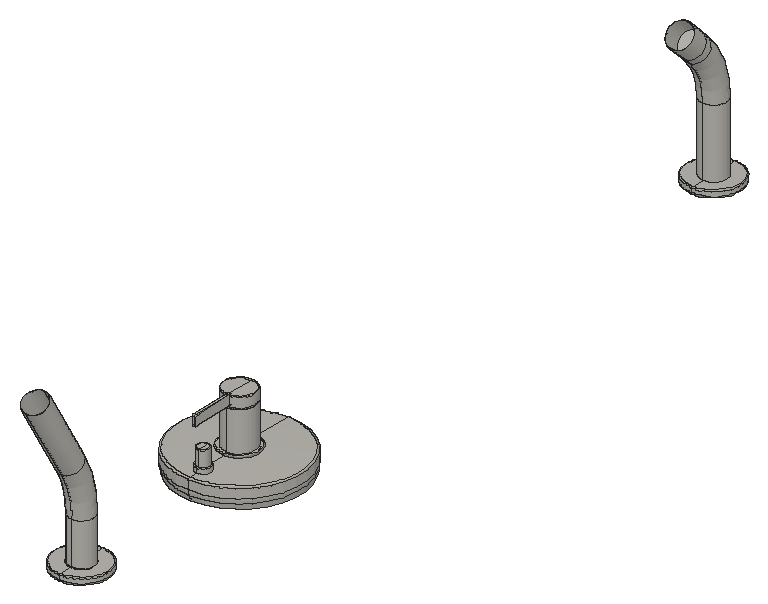
Revit family "Shower-Bath_and_Shower_Trim-KOHLER-Stillness-K-T948", category Plumbing Fixtures, host Face, Revit 2015
Parameters (values of type "Without Shower BN-Vibrant Brushed Nickel")
  Without ShowerHead = or(Type = 3, Type = 4)  # yes
  Width = 6 3/8"  # constant formula
  WaterSense Certified = 1 = 0  # no
  Waste Water Outlet = "Waste Water Outlet"  # constant formula
  Waste Connection = 1 = 0  # no
  Vent Connection = 1 = 0  # no
  URL = "https://www.us.kohler.com/us/"
  Type = 4
  Tempered Water Inlet 2 = "Tempered Water Inlet 2"  # constant formula
  Tempered Water Inlet 1 = "Tempered Water Inlet 1"  # constant formula
  Spout Distance [instance] = 10"
  ShowerHead = or(Type = 1, Type = 2)  # no
  Shower Distance [instance] = 30"
  Product Page URL = "http://www.us.kohler.com/us/catalog/productDetails.jsp?productNumber=T948-4L"
  Product Name = "Stillness"  # constant formula
  Product Documentation Link = "https://www.us.kohler.com/webassets/kpna/catalog/pdf/en/K-T948-4L_spec.pdf"
  Model = if(Type = 1, "K-T948-4-CP", if(Type = 2, "K-T948-4-BN", if(Type = 3, "K-T948-4L-CP", if(Type = 4, "K-T948-4L-BN", "NA"))))  # "K-T948-4L-BN"
  Material = "Premium Material Construction "  # constant formula
  MasterFormat 2004 = "22.41.23"  # constant formula
  MasterFormat 1995 = "15410"  # constant formula
  Manufacturer Address = "444 Highland Dr, Kohler, WI 53044"  # constant formula
  Manufacturer = "KOHLER Co."  # constant formula
  Length [instance] = if(or(ShowerHead), 9 1/2", 7 1/2")  # 7 1/2"
  Hot Water Inlet = "Hot Water Inlet"  # constant formula
  Height = 6 3/8"  # constant formula
  HW Connection = 1 = 1  # yes
  Finish = Kohler-Metal-BN-Vibrant_Brushed_Nickel
  Environmental Product Declaration = ""
  Drain Included = 1 = 0  # no
  Description = if(or(Type = 1, Type = 2), "Rite-Temp pressure-balancing bath and shower faucet trim with lever handle, valve not included", if(or(Type = 3, Type = 4), "Rite-Temp bath and shower trim set with push-button diverter and lever handle, less showerhead", "NA"))  # "Rite-Temp bath and shower trim set with push-button diverter and lever handle, less showerhead"
  Default Elevation = 42"  # constant formula
  Declare Label = ""
  Date Modified = "03/25/2019"  # constant formula
  Date Created = "03/25/2019"  # constant formula
  Copyright = "Copyright KOHLER Co."  # constant formula
  Contact Us = "https://www.us.kohler.com/us/static/contact.jsp"
  Cold Water Inlet = "Cold Water Inlet"  # constant formula
  CW Connection = 1 = 0  # no
  Assembly Code = "D2010700"
  ADA Compliant = 1 = 0  # no
Reference planes (in)
  plane 1 "Center (Front/Back)": y = 0
  plane 2: z = 0
  plane 3 "Center (Left/Right)": x = 0
  plane 4: y = 30
  plane 5: y = -10
  plane 6: z = 7.5
  plane 7: y = 28.625
  plane 8: z = 7.5
  plane 9: y = 31.375
  plane 10: y = -3.1875
  plane 11: y = 3.1875
  plane 12: z = 3.8125
  plane 13: y = -2.875
  plane 14: y = -11.37451
  plane 15: y = -8.62549
  plane 16: z = 8.75
  plane 17: y = -12.92909
  plane 18: x = 3.18761
  plane 19: x = -3.18739
  plane 20: y = 27.875
Dimensions and locks (in)
  "Shower Distance": plane 1 "Center (Front/Back)" to plane 4
  "Spout Distance": plane 5 to plane 1 "Center (Front/Back)"
  "Height": plane 19 to plane 18
  "Width": plane 11 to plane 10
  "Length": level to plane 6
  equal spacing: plane 9, plane 4, plane 7
  locked: plane 9 to plane 7 at 2.75
  equal spacing: plane 14, plane 5, plane 15
  locked: plane 14 to plane 15 at 2.74902
  locked: plane 4 to plane 20 at 2.125
  locked: plane 5 to plane 17 at 2.92909
  aligned and locked: plane 2 to host face
  aligned and locked: level to host face
  aligned and locked: plane 4 to nested 1
  aligned and locked: nested 3 to plane 5
Automatic sketch dimensions
  host sketch curve to host sketch curve = 96"  (x2)
Nested families (in)
  nested 1: "K-948-Showerhead" at (0, 30, 0), type "K-948-Showerhead"
  nested 2: "K-948-valve" at (0, 0, 0), type "K-948-valve"
  nested 3: "K-948-spout" at (-0.00017, -2.00002, 0), type "K-948-spout"
Connectors (in)
  piping at (0, 30, 0), diameter 0.5, driven by "HW Connection", driven by "Tempered Water Inlet 1"
    settings: on nested 1, index 1, connector inside diameter 24", connector length 0", flow factor 0, pipe flow 0 GPM, pressure drop 0.00 psi, fitting loss kfactor 0, connector angle 0.00°, fixture units 0, engagement length 0", angle of deflection 0.00°, flow configuration 0, flow direction 1, fitting loss method 0, system type 19, joint type 0, gender type 0, connector reference index -1, connector utility 1, adjustable connector no, is connector primary yes, connector description "Tempered Water Inlet 1"
  piping at (-0.00017, -10, 0), diameter 0.5, driven by "HW Connection", driven by "Tempered Water Inlet 2"
    settings: on nested 3, index 2, connector inside diameter 24", connector length 0", flow factor 0, pipe flow 0 GPM, pressure drop 0.00 psi, fitting loss kfactor 0, connector angle 0.00°, fixture units 0, engagement length 0", angle of deflection 0.00°, flow configuration 0, flow direction 1, fitting loss method 0, system type 19, joint type 0, gender type 0, connector reference index -1, connector utility 1, adjustable connector no, is connector primary no, connector description "Tempered Water Inlet 2"
Definition of nested family "K-948-Showerhead"
  Parameters (values of type "K-948-Showerhead")
    Without ShowerHead = yes
    ShowerHead = no
    Material = none
  Reference planes (in)
    plane 1 "Center (Front/Back)": y = 0
    plane 2: z = 0
    plane 3 "Center (Left/Right)": x = 0
    plane 4: z = 3.8125
    plane 5: x = -3.1875
    plane 6: x = 3.1875
    plane 7: x = -1.375
    plane 8: x = 1.375
    plane 9: y = -1.375
    plane 10: y = 1.375
    plane 11: y = -4.875
    plane 12: z = 9.5
    plane 13: y = -2.125
    plane 14: z = 7.5
    plane 15 "a": through (0, -4.875, 9.5) normal (0, -0.7071, 0.7071)
    plane 16: through (0, -2.125, 7.5) normal (0, -0.7071, 0.7071)
    plane 17: through (0, -0.60332, 7.60747) normal (0, -0.7071, 0.7071)
    plane 18: through (0, -4.875, 9.5) normal (0, -0.5882, -0.8087)
  Forms (in)
    Sweep 1, solid, material <- "Material", detail levels medium+fine
      path origin (0, 0, 0) x (0, 1, 0) y (0, 0, 1)
        loop
          line (-1.41789, 6.79289) -> (-1.12048, 6.49548)
          arc (-1.12048, 6.49548) -> (-0.2912, 5.25438) -> (0, 3.7904) r 3.82557
          line (0, 3.7904) -> (0, 0.27767)
      profile origin (0, 0, 2.03404) x (1, 0, 0) y (0, 1, 0)
        loop
          circle (0, 0) r 0.65524
    Sweep 2, solid, material <- "Material", visible <- "Without ShowerHead"
      path origin (0, 0, 0) x (0, 1, 0) y (0, 0, 1)
        loop
          line (-2.125, 7.5) -> (-1.41789, 6.79289)
      profile origin (0, -1.77145, 7.14645) x (0, 0.707107, 0.707107) y (1, 0, 0)
        loop
          circle (0, 0) r 0.65524
        loop
          circle (0, 0) r 0.64155
    Revolve 3, solid, material <- "Material", detail levels medium+fine
      sketch origin (0, 0, 0) x (0, 1, 0) y (0, 0, 1)
        loop
          arc (1.375, 0.27579) -> (1.36439, 0.30139) -> (1.33879, 0.312) r 0.03621
          line (1.33879, 0.312) -> (0, 0.312) -> (0, 0) -> (1.33775, 0)
          arc (1.33775, 0) -> (1.36409, 0.01091) -> (1.375, 0.03725) r 0.03725
          line (1.375, 0.03725) -> (1.375, 0.27579)
        axis (0, 0.312) -> (0, 0)
      angle from 0 to 360
    Revolve 4, solid, material <- "Material", visible <- "ShowerHead", detail levels medium+fine
      sketch origin (0, 0.3125, 0.32813) x (0, 1, 0) y (0, 0, 1)
        loop
          line (-6.70627, 7.6531) -> (-6.7294, 7.62998)
          arc (-6.7294, 7.62998) -> (-6.75369, 7.57133) -> (-6.7294, 7.51269) r 0.08293
          line (-6.7294, 7.51269) -> (-5.86523, 6.64851)
          arc (-5.86523, 6.64851) -> (-5.8501, 6.64233) -> (-5.83508, 6.64878) r 0.02113
          line (-5.83508, 6.64878) -> (-5.01091, 7.50223)
          arc (-5.01091, 7.50223) -> (-4.49104, 7.73098) -> (-3.95991, 7.52976) r 0.75
          line (-3.95991, 7.52976) -> (-3.45506, 7.05898)
          arc (-3.45506, 7.05898) -> (-3.42639, 7.0481) -> (-3.39831, 7.06041) r 0.04053
          line (-3.39831, 7.06041) -> (-3.18573, 7.27969)
          arc (-3.18573, 7.27969) -> (-3.12871, 7.27795) -> (-3.07222, 7.28589) r 0.33548
          arc (-3.07222, 7.28589) -> (-3.00607, 7.26412) -> (-2.99447, 7.19546) r 0.06741
          arc (-2.99447, 7.19546) -> (-3.00543, 7.06139) -> (-2.94024, 6.94373) r 0.23226
          arc (-2.94024, 6.94373) -> (-2.89504, 6.90013) -> (-2.84951, 6.85688) r 8.44171
          arc (-2.84951, 6.85688) -> (-2.88819, 6.80158) -> (-2.91663, 6.74039) r 0.38513
          line (-2.91663, 6.74039) -> (-2.17294, 6.02222) -> (-1.73115, 6.46402) -> (-4.56923, 9.20472) -> (-6.32995, 7.31659) -> (-6.66646, 7.6531)
          arc (-6.66646, 7.6531) -> (-6.68637, 7.66135) -> (-6.70627, 7.6531) r 0.02815
        axis (-1.73115, 6.46402) -> (-4.81325, 9.54612)
      angle from 0 to 360
    Extrusion 5, void, detail levels medium+fine
      sketch origin (0, -7.1875, 7.1875) x (0, 0.707107, 0.707107) y (-1, 0, 0)
        loop
          circle (3.97649, 2.46567) r 0.09464
        loop
          circle (3.97649, 1.84917) r 0.09464
        loop
          circle (4.92201, 1.5236) r 0.09464
        loop
          circle (5.33158, 1.81039) r 0.09464
        loop
          circle (4.43656, 1.71632) r 0.09464
        loop
          circle (4.64787, 2.16948) r 0.09464
        loop
          circle (3.96771, 1.1981) r 0.09464
        loop
          circle (4.51713, 1.05088) r 0.09464
        loop
          circle (3.9868, 0.52055) r 0.09464
        loop
          circle (6.2653, 0.17686) r 0.09464
        loop
          circle (5.64881, 0.17686) r 0.09464
        loop
          circle (5.32324, 1.12237) r 0.09464
        loop
          circle (5.61003, 1.53195) r 0.09464
        loop
          circle (5.51596, 0.63693) r 0.09464
        loop
          circle (5.96911, 0.84823) r 0.09464
        loop
          circle (4.99774, 0.16807) r 0.09464
        loop
          circle (4.85052, 0.7175) r 0.09464
        loop
          circle (4.32019, 0.18717) r 0.09464
        loop
          circle (6.2653, -0.17686) r 0.09464
        loop
          circle (5.64881, -0.17686) r 0.09464
        loop
          circle (5.32324, -1.12237) r 0.09464
        loop
          circle (5.61003, -1.53195) r 0.09464
        loop
          circle (5.51596, -0.63693) r 0.09464
        loop
          circle (5.96911, -0.84823) r 0.09464
        loop
          circle (4.99774, -0.16807) r 0.09464
        loop
          circle (4.85052, -0.7175) r 0.09464
        loop
          circle (4.32019, -0.18717) r 0.09464
        loop
          circle (3.97649, -2.46567) r 0.09464
        loop
          circle (3.97649, -1.84917) r 0.09464
        loop
          circle (4.92201, -1.5236) r 0.09464
        loop
          circle (5.33158, -1.81039) r 0.09464
        loop
          circle (4.43656, -1.71632) r 0.09464
        loop
          circle (4.64787, -2.16948) r 0.09464
        loop
          circle (3.96771, -1.1981) r 0.09464
        loop
          circle (4.51713, -1.05088) r 0.09464
        loop
          circle (3.9868, -0.52055) r 0.09464
        loop
          circle (3.62278, 2.46567) r 0.09464
        loop
          circle (3.62278, 1.84917) r 0.09464
        loop
          circle (2.67726, 1.5236) r 0.09464
        loop
          circle (2.26768, 1.81039) r 0.09464
        loop
          circle (3.16271, 1.71632) r 0.09464
        loop
          circle (2.9514, 2.16948) r 0.09464
        loop
          circle (3.63156, 1.1981) r 0.09464
        loop
          circle (3.08214, 1.05088) r 0.09464
        loop
          circle (3.61247, 0.52055) r 0.09464
        loop
          circle (1.33397, 0.17686) r 0.09464
        loop
          circle (1.95046, 0.17686) r 0.09464
        loop
          circle (2.27603, 1.12237) r 0.09464
        loop
          circle (1.98924, 1.53195) r 0.09464
        loop
          circle (2.08331, 0.63693) r 0.09464
        loop
          circle (1.63016, 0.84823) r 0.09464
        loop
          circle (2.60153, 0.16807) r 0.09464
        loop
          circle (2.74875, 0.7175) r 0.09464
        loop
          circle (3.27908, 0.18717) r 0.09464
        loop
          circle (1.33397, -0.17686) r 0.09464
        loop
          circle (1.95046, -0.17686) r 0.09464
        loop
          circle (2.27603, -1.12237) r 0.09464
        loop
          circle (1.98924, -1.53195) r 0.09464
        loop
          circle (2.08331, -0.63693) r 0.09464
        loop
          circle (1.63016, -0.84823) r 0.09464
        loop
          circle (2.60153, -0.16807) r 0.09464
        loop
          circle (2.74875, -0.7175) r 0.09464
        loop
          circle (3.27908, -0.18717) r 0.09464
        loop
          circle (3.62278, -2.46567) r 0.09464
        loop
          circle (3.62278, -1.84917) r 0.09464
        loop
          circle (2.67726, -1.5236) r 0.09464
        loop
          circle (2.26768, -1.81039) r 0.09464
        loop
          circle (3.16271, -1.71632) r 0.09464
        loop
          circle (2.9514, -2.16948) r 0.09464
        loop
          circle (3.63156, -1.1981) r 0.09464
        loop
          circle (3.08214, -1.05088) r 0.09464
        loop
          circle (3.61247, -0.52055) r 0.09464
      from -0.76405 to 0.99354
    Extrusion 6, solid, material <- "Material", visible <- "ShowerHead"
      sketch origin (0, -7.1875, 7.1875) x (0, 0.707107, 0.707107) y (-1, 0, 0)
        loop
          circle (3.79963, 0) r 0.30775
      from -0.83519 to -0.41396
    Extrusion 7, solid, material <- "Material", visible <- "ShowerHead"
      sketch origin (0, -7.1875, 7.1875) x (0, 0.707107, 0.707107) y (-1, 0, 0)
        loop
          circle (3.79963, 0) r 0.30775
      from -0.83519 to -0.41396
    Extrusion 8, solid, material <- "Material", detail levels medium+fine
      sketch origin (0, 0, 0) x (1, 0, 0) y (0, 1, 0)
        loop
          circle (0, 0) r 0.25
      from 0 to 0.0375
    Sweep 9, solid, material <- "Material", detail levels coarse
      path origin (0, 0, 0) x (0, 1, 0) y (0, 0, 1)
        loop
          line (-2.125, 7.5) -> (-1.12048, 6.49548)
          arc (-1.12048, 6.49548) -> (-0.2912, 5.25438) -> (0, 3.7904) r 3.82557
          line (0, 3.7904) -> (0, 0.27767)
      profile origin (0, 0, 2.03404) x (1, 0, 0) y (0, 1, 0)
        loop
          circle (0, 0) r 0.71021
    Extrusion 10, solid, material <- "Material", detail levels coarse
      sketch origin (0, 0, 0) x (1, 0, 0) y (0, 1, 0)
        loop
          circle (0, 0) r 1.37466
      from 0 to 0.41038
    Revolve 11, solid, material <- "Material", visible <- "ShowerHead", detail levels coarse
      sketch origin (0, 0, 0) x (0, 1, 0) y (0, 0, 1)
        loop
          line (-4.66584, 9.92791) -> (-6.52627, 8.06748)
          arc (-6.52627, 8.06748) -> (-6.55057, 8.00883) -> (-6.52627, 7.95019) r 0.08293
          line (-6.52627, 7.95019) -> (-5.55273, 6.97664)
          arc (-5.55273, 6.97664) -> (-5.5376, 6.97045) -> (-5.52258, 6.9769) r 0.02113
          line (-5.52258, 6.9769) -> (-4.69841, 7.83036)
          arc (-4.69841, 7.83036) -> (-4.17854, 8.05911) -> (-3.64741, 7.85788) r 0.75
          line (-3.64741, 7.85788) -> (-3.14256, 7.3871)
          arc (-3.14256, 7.3871) -> (-3.11389, 7.37622) -> (-3.08581, 7.38853) r 0.04053
          line (-3.08581, 7.38853) -> (-2.87323, 7.60781)
          arc (-2.87323, 7.60781) -> (-2.81621, 7.60607) -> (-2.75972, 7.61402) r 0.33548
          arc (-2.75972, 7.61402) -> (-2.69357, 7.59225) -> (-2.68197, 7.52358) r 0.06741
          arc (-2.68197, 7.52358) -> (-2.69293, 7.38951) -> (-2.62774, 7.27185) r 0.23226
          arc (-2.62774, 7.27185) -> (-2.58254, 7.22826) -> (-2.53701, 7.185) r 8.44171
          arc (-2.53701, 7.185) -> (-2.57569, 7.12971) -> (-2.60413, 7.06851) r 0.38513
          line (-2.60413, 7.06851) -> (-1.86044, 6.35035) -> (-1.41865, 6.79214) -> (-4.66584, 9.92791)
        axis (-4.61013, 9.98362) -> (-1.41865, 6.79214)
      angle from 0 to 360
  Cuts and joins
    Extrusion 5 cuts Revolve 4
    joined: Sweep 9, Extrusion 10
  Lines and regions (in)
    Masking region 1, visible <- "Without ShowerHead"
      outline origin (0, 0, 0) x (0, 1, 0) y (0, 0, 1)
        loop
          line (-0.65523, 0.312) -> (-1.33879, 0.312)
          arc (-1.33879, 0.312) -> (-1.36439, 0.30139) -> (-1.375, 0.27579) r 0.03621
          line (-1.375, 0.27579) -> (-1.375, 0.03725)
          arc (-1.375, 0.03725) -> (-1.36409, 0.01091) -> (-1.33775, 0) r 0.03725
          line (-1.33775, 0) -> (0, 0) -> (1.33775, 0)
          arc (1.33775, 0) -> (1.36409, 0.01091) -> (1.375, 0.03725) r 0.03725
          line (1.375, 0.03725) -> (1.375, 0.27579)
          arc (1.375, 0.27579) -> (1.36439, 0.30139) -> (1.33879, 0.312) r 0.03621
          line (1.33879, 0.312) -> (0.65523, 0.312) -> (0.65523, 3.76354)
          arc (0.65523, 3.76354) -> (0.30922, 5.50309) -> (-0.67616, 6.9778) r 4.54565
          line (-0.67616, 6.9778) -> (-1.66168, 7.96332) -> (-2.58832, 7.03668) -> (-1.57405, 6.02241)
          arc (-1.57405, 6.02241) -> (-0.89403, 5.00468) -> (-0.65523, 3.80418) r 3.13705
          line (-0.65523, 3.80418) -> (-0.65523, 0.312)
    Masking region 2, visible <- "Without ShowerHead"
      outline origin (0, 0, 0) x (1, 0, 0) y (0, 0, 1)
        loop
          line (-0.65524, 0.312) -> (-1.33879, 0.312)
          arc (-1.33879, 0.312) -> (-1.36439, 0.30139) -> (-1.375, 0.27579) r 0.03621
          line (-1.375, 0.27579) -> (-1.375, 0.03725)
          arc (-1.375, 0.03725) -> (-1.36409, 0.01091) -> (-1.33775, 0) r 0.03725
          line (-1.33775, 0) -> (0, 0) -> (1.33775, 0)
          arc (1.33775, 0) -> (1.36409, 0.01091) -> (1.375, 0.03725) r 0.03725
          line (1.375, 0.03725) -> (1.375, 0.27579)
          arc (1.375, 0.27579) -> (1.36439, 0.30139) -> (1.33879, 0.312) r 0.03621
          line (1.33879, 0.312) -> (0.65524, 0.312) -> (0.65524, 7.5)
          spline (0.65524, 7.5) -> (0.63291, 7.61992) -> (0.56745, 7.73166) -> (0.46332, 7.82762) -> (0.32762, 7.90125) -> (0.16959, 7.94753) -> (0, 7.96332) -> (-0.16959, 7.94753) -> (-0.32762, 7.90125) -> (-0.46332, 7.82762) -> (-0.56745, 7.73166) -> (-0.63291, 7.61992) -> (-0.65524, 7.5)
          line (-0.65524, 7.5) -> (-0.65524, 0.312)
    Masking region 3, visible <- "Without ShowerHead"
      outline origin (0, 0, 0) x (1, 0, 0) y (0, 1, 0)
        loop
          arc (0.65524, -1.20884) -> (0, 1.375) -> (-0.65524, -1.20884) r 1.375
          line (-0.65524, -1.20884) -> (-0.65524, -2.125)
          spline (-0.65524, -2.125) -> (-0.63291, -2.24492) -> (-0.56745, -2.35666) -> (-0.46332, -2.45262) -> (-0.32762, -2.52625) -> (-0.16959, -2.57253) -> (0, -2.58832) -> (0.16959, -2.57253) -> (0.32762, -2.52625) -> (0.46332, -2.45262) -> (0.56745, -2.35666) -> (0.63291, -2.24492) -> (0.65524, -2.125)
          line (0.65524, -2.125) -> (0.65524, -1.20884)
    Masking region 4, visible <- "ShowerHead"
      outline origin (0, 0, 0) x (0, 1, 0) y (0, 0, 1)
        loop
          line (-5.52258, 6.9769) -> (-4.69841, 7.83036)
          arc (-4.69841, 7.83036) -> (-4.17854, 8.05911) -> (-3.64741, 7.85788) r 0.75
          line (-3.64741, 7.85788) -> (-3.14256, 7.3871)
          arc (-3.14256, 7.3871) -> (-3.11389, 7.37622) -> (-3.08581, 7.38853) r 0.04053
          line (-3.08581, 7.38853) -> (-2.87323, 7.60781)
          arc (-2.87323, 7.60781) -> (-2.81621, 7.60607) -> (-2.75972, 7.61402) r 0.33548
          arc (-2.75972, 7.61402) -> (-2.69357, 7.59225) -> (-2.68197, 7.52358) r 0.06741
          arc (-2.68197, 7.52358) -> (-2.69293, 7.38951) -> (-2.62774, 7.27185) r 0.23226
          arc (-2.62774, 7.27185) -> (-2.58254, 7.22826) -> (-2.53701, 7.185) r 8.44171
          arc (-2.53701, 7.185) -> (-2.57569, 7.12971) -> (-2.60413, 7.06851) r 0.38513
          line (-2.60413, 7.06851) -> (-2.58832, 7.03668) -> (-1.57405, 6.02241)
          arc (-1.57405, 6.02241) -> (-0.89403, 5.00468) -> (-0.65523, 3.80418) r 3.13705
          line (-0.65523, 3.80418) -> (-0.65523, 0.312) -> (-1.33879, 0.312)
          arc (-1.33879, 0.312) -> (-1.36439, 0.30139) -> (-1.375, 0.27579) r 0.03621
          line (-1.375, 0.27579) -> (-1.375, 0.03725)
          arc (-1.375, 0.03725) -> (-1.36409, 0.01091) -> (-1.33775, 0) r 0.03725
          line (-1.33775, 0) -> (0, 0) -> (1.33775, 0)
          arc (1.33775, 0) -> (1.36409, 0.01091) -> (1.375, 0.03725) r 0.03725
          line (1.375, 0.03725) -> (1.375, 0.27579)
          arc (1.375, 0.27579) -> (1.36439, 0.30139) -> (1.33879, 0.312) r 0.03621
          line (1.33879, 0.312) -> (0.65523, 0.312) -> (0.65523, 3.76354)
          arc (0.65523, 3.76354) -> (0.30922, 5.50309) -> (-0.67616, 6.9778) r 4.54565
          line (-0.67616, 6.9778) -> (-1.66168, 7.96332) -> (-1.69502, 7.97762)
          arc (-1.69502, 7.97762) -> (-1.75622, 7.94919) -> (-1.81151, 7.91051) r 0.38513
          arc (-1.81151, 7.91051) -> (-1.85477, 7.95603) -> (-1.89836, 8.00123) r 8.44171
          arc (-1.89836, 8.00123) -> (-2.01602, 8.06643) -> (-2.15009, 8.05546) r 0.23226
          arc (-2.15009, 8.05546) -> (-2.21876, 8.06706) -> (-2.24052, 8.13321) r 0.06741
          arc (-2.24052, 8.13321) -> (-2.23258, 8.1897) -> (-2.23432, 8.24672) r 0.33548
          line (-2.23432, 8.24672) -> (-2.01504, 8.45931)
          arc (-2.01504, 8.45931) -> (-2.00273, 8.48739) -> (-2.01361, 8.51605) r 0.04053
          line (-2.01361, 8.51605) -> (-2.48439, 9.0209)
          arc (-2.48439, 9.0209) -> (-2.68561, 9.55203) -> (-2.45686, 10.0719) r 0.75
          line (-2.45686, 10.0719) -> (-1.60341, 10.89608)
          arc (-1.60341, 10.89608) -> (-1.59696, 10.91109) -> (-1.60315, 10.92622) r 0.02113
          line (-1.60315, 10.92622) -> (-2.46732, 11.79039)
          arc (-2.46732, 11.79039) -> (-2.52596, 11.81469) -> (-2.58461, 11.79039) r 0.08293
          line (-2.58461, 11.79039) -> (-6.4169, 7.9581)
          arc (-6.4169, 7.9581) -> (-6.44119, 7.89946) -> (-6.4169, 7.84081) r 0.08293
          line (-6.4169, 7.84081) -> (-5.55273, 6.97664)
          arc (-5.55273, 6.97664) -> (-5.5376, 6.97045) -> (-5.52258, 6.9769) r 0.02113
    Masking region 5, visible <- "ShowerHead"
      outline origin (0, 0, 0) x (1, 0, 0) y (0, 1, 0)
        loop
          arc (-2.22483, -2.38478) -> (-2.6026, -2.851) -> (-2.78421, -3.42291) r 1.616
          line (-2.78421, -3.42291) -> (-2.79273, -3.55104) -> (-2.79273, -4.61598)
          arc (-2.79273, -4.61598) -> (-2.75683, -4.81689) -> (-2.683, -5.00717) r 1.05767
          arc (-2.683, -5.00717) -> (-2.46207, -5.36868) -> (-2.1852, -5.68935) r 2.59152
          arc (-2.1852, -5.68935) -> (-1.99795, -5.84871) -> (-1.78988, -5.9797) r 1.71791
          arc (-1.78988, -5.9797) -> (-1.32829, -6.18993) -> (-0.844, -6.34062) r 4.03705
          arc (-0.844, -6.34062) -> (0, -6.44187) -> (0.844, -6.34062) r 3.56818
          arc (0.844, -6.34062) -> (1.32829, -6.18993) -> (1.78988, -5.9797) r 4.03705
          arc (1.78988, -5.9797) -> (1.99795, -5.84871) -> (2.1852, -5.68935) r 1.71791
          arc (2.1852, -5.68935) -> (2.46207, -5.36868) -> (2.683, -5.00717) r 2.59152
          arc (2.683, -5.00717) -> (2.75683, -4.81689) -> (2.79273, -4.61598) r 1.05767
          line (2.79273, -4.61598) -> (2.79273, -3.55104) -> (2.78421, -3.42291)
          arc (2.78421, -3.42291) -> (2.6026, -2.851) -> (2.22483, -2.38478) r 1.616
          arc (2.22483, -2.38478) -> (1.49603, -1.89873) -> (0.65524, -1.65286) r 2.89572
          line (0.65524, -1.65286) -> (0.65524, -1.20884)
          arc (0.65524, -1.20884) -> (0, 1.375) -> (-0.65524, -1.20884) r 1.375
          line (-0.65524, -1.20884) -> (-0.65524, -1.65286)
          arc (-0.65524, -1.65286) -> (-1.49603, -1.89873) -> (-2.22483, -2.38478) r 2.89572
    Masking region 6, visible <- "ShowerHead"
      outline origin (0, 0, 0) x (1, 0, 0) y (0, 0, 1)
        loop
          arc (-1.81321, 11.33115) -> (-2.37671, 10.8717) -> (-2.7299, 10.23619) r 1.92729
          arc (-2.7299, 10.23619) -> (-2.76214, 10.11594) -> (-2.78085, 9.99287) r 1.12119
          arc (-2.78085, 9.99287) -> (-2.79092, 9.84376) -> (-2.79268, 9.69433) r 2.68205
          line (-2.79268, 9.69433) -> (-2.79268, 8.84483)
          arc (-2.79268, 8.84483) -> (-2.70367, 8.44091) -> (-2.49473, 8.08394) r 1.32829
          arc (-2.49473, 8.08394) -> (-1.67069, 7.36867) -> (-0.65524, 6.96927) r 3.22373
          line (-0.65524, 6.96927) -> (-0.65524, 0.312) -> (-1.33879, 0.312)
          arc (-1.33879, 0.312) -> (-1.36439, 0.30139) -> (-1.375, 0.27579) r 0.03621
          line (-1.375, 0.27579) -> (-1.375, 0.03725)
          arc (-1.375, 0.03725) -> (-1.36409, 0.01091) -> (-1.33775, 0) r 0.03725
          line (-1.33775, 0) -> (0, 0) -> (1.33775, 0)
          arc (1.33775, 0) -> (1.36409, 0.01091) -> (1.375, 0.03725) r 0.03725
          line (1.375, 0.03725) -> (1.375, 0.27579)
          arc (1.375, 0.27579) -> (1.36439, 0.30139) -> (1.33879, 0.312) r 0.03621
          line (1.33879, 0.312) -> (0.65524, 0.312) -> (0.65524, 6.96927)
          arc (0.65524, 6.96927) -> (1.72891, 7.40481) -> (2.57925, 8.19184) r 3.22373
          arc (2.57925, 8.19184) -> (2.74211, 8.50731) -> (2.79268, 8.85873) r 1.06911
          line (2.79268, 8.85873) -> (2.79268, 9.69433)
          arc (2.79268, 9.69433) -> (2.79092, 9.84376) -> (2.78085, 9.99287) r 2.68205
          arc (2.78085, 9.99287) -> (2.76214, 10.11594) -> (2.7299, 10.23619) r 1.12119
          arc (2.7299, 10.23619) -> (2.40721, 10.83434) -> (1.89695, 11.28328) r 1.92729
          arc (1.89695, 11.28328) -> (0.04838, 11.81205) -> (-1.81321, 11.33115) r 3.66104
    symbolic lines, detail levels medium+fine
      curve 1: line (0, -0.95457, 7.25622) -> (0, -1.88122, 6.32957)
      curve 6: line (0, 0.65523, 0.312) -> (0, -0.65523, 0.312)
      curve 7: line (0.65524, 0, 0.312) -> (-0.65524, 0, 0.312)
      curve 8: spline (-0.65524, 0, 6.79289) -> (-0.63291, 0, 6.91281) -> (-0.56745, 0, 7.02455) -> (-0.46332, 0, 7.12051) -> (-0.32762, 0, 7.19414) -> (-0.16959, 0, 7.24043) -> (0, 0, 7.25622) -> (0.16959, 0, 7.24043) -> (0.32762, 0, 7.19414) -> (0.46332, 0, 7.12051) -> (0.56745, 0, 7.02455) -> (0.63291, 0, 6.91281) -> (0.65524, 0, 6.79289)
      curve 9: line (-0.65524, -1.20884, 0) -> (-0.65524, 0.00426, 0)
      curve 10: line (0.65524, -1.20884, 0) -> (0.65524, 0.00426, 0)
      curve 11: arc (-0.65524, 0.00426, 0) -> (0, 0.6595, 0) -> (0.65524, 0.00426, 0) r 0.65524
      curve 12: spline (-0.65524, -1.41789, 0) -> (-0.63291, -1.29798, 0) -> (-0.56745, -1.18623, 0) -> (-0.46332, -1.09027, 0) -> (-0.32762, -1.01664, 0) -> (-0.16959, -0.97036, 0) -> (0, -0.95457, 0) -> (0.16959, -0.97036, 0) -> (0.32762, -1.01664, 0) -> (0.46332, -1.09027, 0) -> (0.56745, -1.18623, 0) -> (0.63291, -1.29798, 0) -> (0.65524, -1.41789, 0)
    symbolic lines, built-in parameter 1006206 <- "Without ShowerHead", detail levels medium+fine
      curve 2: line (0, -1.09544, 7.39708) -> (0, -2.02208, 6.47044)
      curve 3: line (0, -1.23631, 7.53795) -> (0, -2.16295, 6.61131)
      curve 4: line (0, -1.37718, 7.67882) -> (0, -2.30382, 6.75218)
      curve 5: line (0, -1.51805, 7.81969) -> (0, -2.44469, 6.89305)
    symbolic lines, visible <- "Without ShowerHead", detail levels medium+fine
      curve 13: spline (0.65524, -2.125, 0) -> (0.63291, -2.00508, 0) -> (0.56745, -1.89334, 0) -> (0.46332, -1.79738, 0) -> (0.32762, -1.72375, 0) -> (0.16959, -1.67747, 0) -> (0, -1.66168, 0) -> (-0.16959, -1.67747, 0) -> (-0.32762, -1.72375, 0) -> (-0.46332, -1.79738, 0) -> (-0.56745, -1.89334, 0) -> (-0.63291, -2.00508, 0) -> (-0.65524, -2.125, 0)
      curve 14: spline (0.65524, -2.00006, 0) -> (0.63291, -1.88014, 0) -> (0.56745, -1.7684, 0) -> (0.46332, -1.67244, 0) -> (0.32762, -1.59881, 0) -> (0.16959, -1.55252, 0) -> (0, -1.53674, 0) -> (-0.16959, -1.55252, 0) -> (-0.32762, -1.59881, 0) -> (-0.46332, -1.67244, 0) -> (-0.56745, -1.7684, 0) -> (-0.63291, -1.88014, 0) -> (-0.65524, -2.00006, 0)
      curve 15: spline (0.65524, -1.85208, 0) -> (0.63291, -1.73217, 0) -> (0.56745, -1.62042, 0) -> (0.46332, -1.52447, 0) -> (0.32762, -1.45084, 0) -> (0.16959, -1.40455, 0) -> (0, -1.38876, 0) -> (-0.16959, -1.40455, 0) -> (-0.32762, -1.45083, 0) -> (-0.46332, -1.52447, 0) -> (-0.56745, -1.62042, 0) -> (-0.63291, -1.73217, 0) -> (-0.65524, -1.85208, 0)
      curve 16: spline (0.65524, -1.73647, 0) -> (0.63291, -1.61656, 0) -> (0.56745, -1.50481, 0) -> (0.46332, -1.40886, 0) -> (0.32762, -1.33523, 0) -> (0.16959, -1.28894, 0) -> (0, -1.27315, 0) -> (-0.16959, -1.28894, 0) -> (-0.32762, -1.33523, 0) -> (-0.46332, -1.40886, 0) -> (-0.56745, -1.50481, 0) -> (-0.63291, -1.61656, 0) -> (-0.65524, -1.73647, 0)
      curve 17: spline (0.65524, -1.60749, 0) -> (0.63291, -1.48757, 0) -> (0.56745, -1.37583, 0) -> (0.46332, -1.27987, 0) -> (0.32762, -1.20624, 0) -> (0.16959, -1.15995, 0) -> (0, -1.14416, 0) -> (-0.16959, -1.15995, 0) -> (-0.32762, -1.20624, 0) -> (-0.46332, -1.27987, 0) -> (-0.56745, -1.37583, 0) -> (-0.63291, -1.48757, 0) -> (-0.65524, -1.60749, 0)
      curve 18: spline (-0.65524, 0, 6.92258) -> (-0.63291, 0, 7.0425) -> (-0.56745, 0, 7.15425) -> (-0.46332, 0, 7.2502) -> (-0.32762, 0, 7.32383) -> (-0.16959, 0, 7.37012) -> (0, 0, 7.38591) -> (0.16959, 0, 7.37012) -> (0.32762, 0, 7.32383) -> (0.46332, 0, 7.2502) -> (0.56745, 0, 7.15425) -> (0.63291, 0, 7.0425) -> (0.65524, 0, 6.92258)
      curve 19: spline (-0.65524, 0, 7.05621) -> (-0.63291, 0, 7.17613) -> (-0.56745, 0, 7.28787) -> (-0.46332, 0, 7.38383) -> (-0.32762, 0, 7.45746) -> (-0.16959, 0, 7.50374) -> (0, 0, 7.51953) -> (0.16959, 0, 7.50374) -> (0.32762, 0, 7.45746) -> (0.46332, 0, 7.38383) -> (0.56745, 0, 7.28787) -> (0.63291, 0, 7.17613) -> (0.65524, 0, 7.05621)
      curve 20: spline (-0.65524, 0, 7.17589) -> (-0.63291, 0, 7.29581) -> (-0.56745, 0, 7.40755) -> (-0.46332, 0, 7.50351) -> (-0.32762, 0, 7.57714) -> (-0.16959, 0, 7.62342) -> (0, 0, 7.63921) -> (0.16959, 0, 7.62342) -> (0.32762, 0, 7.57714) -> (0.46332, 0, 7.50351) -> (0.56745, 0, 7.40755) -> (0.63291, 0, 7.29581) -> (0.65524, 0, 7.17589)
      curve 21: spline (-0.65524, 0, 7.32496) -> (-0.63291, 0, 7.44488) -> (-0.56745, 0, 7.55662) -> (-0.46332, 0, 7.65258) -> (-0.32762, 0, 7.72621) -> (-0.16959, 0, 7.7725) -> (0, 0, 7.78829) -> (0.16959, 0, 7.7725) -> (0.32762, 0, 7.72621) -> (0.46332, 0, 7.65258) -> (0.56745, 0, 7.55662) -> (0.63291, 0, 7.44488) -> (0.65524, 0, 7.32496)
    symbolic lines, visible <- "ShowerHead", detail levels medium+fine
      curve 22: spline (-2.64898, -4.14433, 0) -> (-2.55872, -4.62913, 0) -> (-2.29409, -5.08089, 0) -> (-1.87311, -5.46882, 0) -> (-1.32449, -5.7665, 0) -> (-0.68561, -5.95362, 0) -> (0, -6.01745, 0) -> (0.68561, -5.95362, 0) -> (1.32449, -5.7665, 0) -> (1.87311, -5.46882, 0) -> (2.29409, -5.08089, 0) -> (2.55872, -4.62913, 0) -> (2.64898, -4.14433, 0) -> (2.55872, -3.65953, 0) -> (2.29409, -3.20777, 0) -> (1.87311, -2.81984, 0) -> (1.32449, -2.52217, 0) -> (0.68561, -2.33504, 0) -> (0, -2.27122, 0) -> (-0.68561, -2.33504, 0) -> (-1.32449, -2.52217, 0) -> (-1.87311, -2.81984, 0) -> (-2.29409, -3.20777, 0) -> (-2.55872, -3.65953, 0) -> (-2.64898, -4.14433, 0)
      curve 23: spline (-2.46567, -3.90236, 0) -> (-2.44117, -3.90008, 0) -> (-2.41835, -3.89339, 0) -> (-2.39875, -3.88275, 0) -> (-2.3837, -3.8689, 0) -> (-2.37425, -3.85275, 0) -> (-2.37103, -3.83543, 0) -> (-2.37425, -3.81811, 0) -> (-2.3837, -3.80197, 0) -> (-2.39875, -3.78811, 0) -> (-2.41835, -3.77748, 0) -> (-2.44117, -3.77079, 0) -> (-2.46567, -3.76851, 0)
      curve 24: spline (-2.46567, -3.76851, 0) -> (-2.49016, -3.77079, 0) -> (-2.51299, -3.77748, 0) -> (-2.53259, -3.78811, 0) -> (-2.54763, -3.80197, 0) -> (-2.55708, -3.81811, 0) -> (-2.56031, -3.83543, 0) -> (-2.55708, -3.85275, 0) -> (-2.54763, -3.8689, 0) -> (-2.53259, -3.88275, 0) -> (-2.51299, -3.89339, 0) -> (-2.49016, -3.90008, 0) -> (-2.46567, -3.90236, 0)
      curve 25: spline (-2.16948, -3.42762, 0) -> (-2.14498, -3.42534, 0) -> (-2.12216, -3.41865, 0) -> (-2.10255, -3.40802, 0) -> (-2.08751, -3.39416, 0) -> (-2.07806, -3.37802, 0) -> (-2.07483, -3.3607, 0) -> (-2.07806, -3.34338, 0) -> (-2.08751, -3.32724, 0) -> (-2.10255, -3.31338, 0) -> (-2.12216, -3.30274, 0) -> (-2.14498, -3.29606, 0) -> (-2.16948, -3.29378, 0)
      curve 26: spline (-2.16948, -3.29378, 0) -> (-2.19397, -3.29606, 0) -> (-2.2168, -3.30274, 0) -> (-2.2364, -3.31338, 0) -> (-2.25144, -3.32724, 0) -> (-2.26089, -3.34338, 0) -> (-2.26412, -3.3607, 0) -> (-2.26089, -3.37802, 0) -> (-2.25144, -3.39416, 0) -> (-2.2364, -3.40802, 0) -> (-2.2168, -3.41865, 0) -> (-2.19397, -3.42534, 0) -> (-2.16948, -3.42762, 0)
      curve 27: spline (-1.81039, -2.97541, 0) -> (-1.7859, -2.97313, 0) -> (-1.76307, -2.96644, 0) -> (-1.74347, -2.95581, 0) -> (-1.72843, -2.94195, 0) -> (-1.71898, -2.92581, 0) -> (-1.71575, -2.90849, 0) -> (-1.71898, -2.89117, 0) -> (-1.72843, -2.87503, 0) -> (-1.74347, -2.86117, 0) -> (-1.76307, -2.85053, 0) -> (-1.7859, -2.84385, 0) -> (-1.81039, -2.84157, 0)
      curve 28: spline (-1.81039, -2.84157, 0) -> (-1.83489, -2.84385, 0) -> (-1.85771, -2.85053, 0) -> (-1.87731, -2.86117, 0) -> (-1.89236, -2.87503, 0) -> (-1.90181, -2.89117, 0) -> (-1.90503, -2.90849, 0) -> (-1.90181, -2.92581, 0) -> (-1.89236, -2.94195, 0) -> (-1.87731, -2.95581, 0) -> (-1.85771, -2.96644, 0) -> (-1.83489, -2.97313, 0) -> (-1.81039, -2.97541, 0)
      curve 29: spline (-1.62659, -2.7116, 0) -> (-1.62337, -2.72892, 0) -> (-1.61391, -2.74506, 0) -> (-1.59887, -2.75892, 0) -> (-1.57927, -2.76955, 0) -> (-1.55645, -2.77624, 0) -> (-1.53195, -2.77852, 0) -> (-1.50746, -2.77624, 0) -> (-1.48463, -2.76955, 0) -> (-1.46503, -2.75892, 0) -> (-1.44999, -2.74506, 0) -> (-1.44053, -2.72892, 0) -> (-1.43731, -2.7116, 0)
      curve 30: spline (-1.43731, -2.7116, 0) -> (-1.44053, -2.69428, 0) -> (-1.44999, -2.67814, 0) -> (-1.46503, -2.66428, 0) -> (-1.48463, -2.65364, 0) -> (-1.50746, -2.64696, 0) -> (-1.53195, -2.64468, 0) -> (-1.55645, -2.64696, 0) -> (-1.57927, -2.65364, 0) -> (-1.59887, -2.66428, 0) -> (-1.61391, -2.67814, 0) -> (-1.62337, -2.69428, 0) -> (-1.62659, -2.7116, 0)
      curve 31: spline (-0.94288, -2.45769, 0) -> (-0.93965, -2.47501, 0) -> (-0.9302, -2.49115, 0) -> (-0.91516, -2.50501, 0) -> (-0.89556, -2.51564, 0) -> (-0.87273, -2.52233, 0) -> (-0.84823, -2.52461, 0) -> (-0.82374, -2.52233, 0) -> (-0.80091, -2.51564, 0) -> (-0.78131, -2.50501, 0) -> (-0.76627, -2.49115, 0) -> (-0.75682, -2.47501, 0) -> (-0.75359, -2.45769, 0)
      curve 32: spline (-0.75359, -2.45769, 0) -> (-0.75682, -2.44037, 0) -> (-0.76627, -2.42423, 0) -> (-0.78131, -2.41037, 0) -> (-0.80091, -2.39973, 0) -> (-0.82374, -2.39305, 0) -> (-0.84823, -2.39077, 0) -> (-0.87273, -2.39305, 0) -> (-0.89556, -2.39973, 0) -> (-0.91516, -2.41037, 0) -> (-0.9302, -2.42423, 0) -> (-0.93965, -2.44037, 0) -> (-0.94288, -2.45769, 0)
      curve 33: spline (-2.46567, -4.15247, 0) -> (-2.44117, -4.15019, 0) -> (-2.41835, -4.1435, 0) -> (-2.39875, -4.13287, 0) -> (-2.3837, -4.11901, 0) -> (-2.37425, -4.10287, 0) -> (-2.37103, -4.08555, 0) -> (-2.37425, -4.06822, 0) -> (-2.3837, -4.05208, 0) -> (-2.39875, -4.03822, 0) -> (-2.41835, -4.02759, 0) -> (-2.44117, -4.0209, 0) -> (-2.46567, -4.01862, 0)
      curve 34: spline (-2.46567, -4.01862, 0) -> (-2.49016, -4.0209, 0) -> (-2.51299, -4.02759, 0) -> (-2.53259, -4.03822, 0) -> (-2.54763, -4.05208, 0) -> (-2.55708, -4.06822, 0) -> (-2.56031, -4.08555, 0) -> (-2.55708, -4.10287, 0) -> (-2.54763, -4.11901, 0) -> (-2.53259, -4.13287, 0) -> (-2.51299, -4.1435, 0) -> (-2.49016, -4.15019, 0) -> (-2.46567, -4.15247, 0)
      curve 35: spline (-2.16948, -4.6272, 0) -> (-2.14498, -4.62492, 0) -> (-2.12216, -4.61824, 0) -> (-2.10255, -4.6076, 0) -> (-2.08751, -4.59374, 0) -> (-2.07806, -4.5776, 0) -> (-2.07483, -4.56028, 0) -> (-2.07806, -4.54296, 0) -> (-2.08751, -4.52682, 0) -> (-2.10255, -4.51296, 0) -> (-2.12216, -4.50233, 0) -> (-2.14498, -4.49564, 0) -> (-2.16948, -4.49336, 0)
      curve 36: spline (-2.16948, -4.49336, 0) -> (-2.19397, -4.49564, 0) -> (-2.2168, -4.50233, 0) -> (-2.2364, -4.51296, 0) -> (-2.25144, -4.52682, 0) -> (-2.26089, -4.54296, 0) -> (-2.26412, -4.56028, 0) -> (-2.26089, -4.5776, 0) -> (-2.25144, -4.59374, 0) -> (-2.2364, -4.6076, 0) -> (-2.2168, -4.61824, 0) -> (-2.19397, -4.62492, 0) -> (-2.16948, -4.6272, 0)
      curve 37: spline (-1.81039, -5.11066, 0) -> (-1.7859, -5.10838, 0) -> (-1.76307, -5.1017, 0) -> (-1.74347, -5.09106, 0) -> (-1.72843, -5.0772, 0) -> (-1.71898, -5.06106, 0) -> (-1.71575, -5.04374, 0) -> (-1.71898, -5.02642, 0) -> (-1.72843, -5.01028, 0) -> (-1.74347, -4.99642, 0) -> (-1.76307, -4.98579, 0) -> (-1.7859, -4.9791, 0) -> (-1.81039, -4.97682, 0)
      curve 38: spline (-1.81039, -4.97682, 0) -> (-1.83489, -4.9791, 0) -> (-1.85771, -4.98579, 0) -> (-1.87731, -4.99642, 0) -> (-1.89236, -5.01028, 0) -> (-1.90181, -5.02642, 0) -> (-1.90503, -5.04374, 0) -> (-1.90181, -5.06106, 0) -> (-1.89236, -5.0772, 0) -> (-1.87731, -5.09106, 0) -> (-1.85771, -5.1017, 0) -> (-1.83489, -5.10838, 0) -> (-1.81039, -5.11066, 0)
      curve 39: spline (-1.62659, -5.24063, 0) -> (-1.62337, -5.25795, 0) -> (-1.61391, -5.27409, 0) -> (-1.59887, -5.28795, 0) -> (-1.57927, -5.29859, 0) -> (-1.55645, -5.30527, 0) -> (-1.53195, -5.30755, 0) -> (-1.50746, -5.30527, 0) -> (-1.48463, -5.29859, 0) -> (-1.46503, -5.28795, 0) -> (-1.44999, -5.27409, 0) -> (-1.44053, -5.25795, 0) -> (-1.43731, -5.24063, 0)
      curve 40: spline (-1.43731, -5.24063, 0) -> (-1.44053, -5.22331, 0) -> (-1.44999, -5.20717, 0) -> (-1.46503, -5.19331, 0) -> (-1.48463, -5.18268, 0) -> (-1.50746, -5.17599, 0) -> (-1.53195, -5.17371, 0) -> (-1.55645, -5.17599, 0) -> (-1.57927, -5.18268, 0) -> (-1.59887, -5.19331, 0) -> (-1.61391, -5.20717, 0) -> (-1.62337, -5.22331, 0) -> (-1.62659, -5.24063, 0)
      curve 41: spline (-0.75359, -5.49454, 0) -> (-0.75682, -5.47722, 0) -> (-0.76627, -5.46108, 0) -> (-0.78131, -5.44722, 0) -> (-0.80091, -5.43659, 0) -> (-0.82374, -5.4299, 0) -> (-0.84823, -5.42762, 0) -> (-0.87273, -5.4299, 0) -> (-0.89556, -5.43659, 0) -> (-0.91516, -5.44722, 0) -> (-0.9302, -5.46108, 0) -> (-0.93965, -5.47722, 0) -> (-0.94288, -5.49454, 0)
      curve 42: spline (-0.94288, -5.49454, 0) -> (-0.93965, -5.51186, 0) -> (-0.9302, -5.528, 0) -> (-0.91516, -5.54186, 0) -> (-0.89556, -5.5525, 0) -> (-0.87273, -5.55918, 0) -> (-0.84823, -5.56146, 0) -> (-0.82374, -5.55918, 0) -> (-0.80091, -5.5525, 0) -> (-0.78131, -5.54186, 0) -> (-0.76627, -5.528, 0) -> (-0.75682, -5.51186, 0) -> (-0.75359, -5.49454, 0)
      curve 43: spline (-0.2715, -5.70398, 0) -> (-0.26827, -5.7213, 0) -> (-0.25882, -5.73744, 0) -> (-0.24378, -5.7513, 0) -> (-0.22418, -5.76194, 0) -> (-0.20135, -5.76862, 0) -> (-0.17686, -5.7709, 0) -> (-0.15236, -5.76862, 0) -> (-0.12953, -5.76194, 0) -> (-0.10993, -5.7513, 0) -> (-0.09489, -5.73744, 0) -> (-0.08544, -5.7213, 0) -> (-0.08221, -5.70398, 0)
      curve 44: spline (-0.08221, -5.70398, 0) -> (-0.08544, -5.68666, 0) -> (-0.09489, -5.67052, 0) -> (-0.10993, -5.65666, 0) -> (-0.12953, -5.64602, 0) -> (-0.15236, -5.63934, 0) -> (-0.17686, -5.63706, 0) -> (-0.20135, -5.63934, 0) -> (-0.22418, -5.64602, 0) -> (-0.24378, -5.65666, 0) -> (-0.25882, -5.67052, 0) -> (-0.26827, -5.68666, 0) -> (-0.2715, -5.70398, 0)
      curve 45: spline (-0.2715, -5.26805, 0) -> (-0.26827, -5.28537, 0) -> (-0.25882, -5.30151, 0) -> (-0.24378, -5.31537, 0) -> (-0.22418, -5.32601, 0) -> (-0.20135, -5.33269, 0) -> (-0.17686, -5.33497, 0) -> (-0.15236, -5.33269, 0) -> (-0.12953, -5.32601, 0) -> (-0.10993, -5.31537, 0) -> (-0.09489, -5.30151, 0) -> (-0.08544, -5.28537, 0) -> (-0.08221, -5.26805, 0)
      curve 46: spline (-0.08221, -5.26805, 0) -> (-0.08544, -5.25073, 0) -> (-0.09489, -5.23459, 0) -> (-0.10993, -5.22073, 0) -> (-0.12953, -5.2101, 0) -> (-0.15236, -5.20341, 0) -> (-0.17686, -5.20113, 0) -> (-0.20135, -5.20341, 0) -> (-0.22418, -5.2101, 0) -> (-0.24378, -5.22073, 0) -> (-0.25882, -5.23459, 0) -> (-0.26827, -5.25073, 0) -> (-0.2715, -5.26805, 0)
      curve 47: spline (-0.73157, -5.17411, 0) -> (-0.72834, -5.19143, 0) -> (-0.71889, -5.20757, 0) -> (-0.70385, -5.22143, 0) -> (-0.68425, -5.23207, 0) -> (-0.66142, -5.23875, 0) -> (-0.63693, -5.24103, 0) -> (-0.61243, -5.23875, 0) -> (-0.5896, -5.23207, 0) -> (-0.57, -5.22143, 0) -> (-0.55496, -5.20757, 0) -> (-0.54551, -5.19143, 0) -> (-0.54228, -5.17411, 0)
      curve 48: spline (-0.54228, -5.17411, 0) -> (-0.54551, -5.15679, 0) -> (-0.55496, -5.14065, 0) -> (-0.57, -5.12679, 0) -> (-0.5896, -5.11616, 0) -> (-0.61243, -5.10947, 0) -> (-0.63693, -5.10719, 0) -> (-0.66142, -5.10947, 0) -> (-0.68425, -5.11616, 0) -> (-0.70385, -5.12679, 0) -> (-0.71889, -5.14065, 0) -> (-0.72834, -5.15679, 0) -> (-0.73157, -5.17411, 0)
      curve 49: spline (-1.21702, -5.03784, 0) -> (-1.21379, -5.05516, 0) -> (-1.20434, -5.0713, 0) -> (-1.1893, -5.08516, 0) -> (-1.16969, -5.0958, 0) -> (-1.14687, -5.10248, 0) -> (-1.12237, -5.10476, 0) -> (-1.09788, -5.10248, 0) -> (-1.07505, -5.0958, 0) -> (-1.05545, -5.08516, 0) -> (-1.04041, -5.0713, 0) -> (-1.03096, -5.05516, 0) -> (-1.02773, -5.03784, 0)
      curve 50: spline (-1.02773, -5.03784, 0) -> (-1.03096, -5.02052, 0) -> (-1.04041, -5.00438, 0) -> (-1.05545, -4.99052, 0) -> (-1.07505, -4.97989, 0) -> (-1.09788, -4.9732, 0) -> (-1.12237, -4.97092, 0) -> (-1.14687, -4.9732, 0) -> (-1.16969, -4.97989, 0) -> (-1.1893, -4.99052, 0) -> (-1.20434, -5.00438, 0) -> (-1.21379, -5.02052, 0) -> (-1.21702, -5.03784, 0)
      curve 51: spline (-1.5236, -4.68721, 0) -> (-1.5481, -4.68949, 0) -> (-1.57093, -4.69617, 0) -> (-1.59053, -4.70681, 0) -> (-1.60557, -4.72067, 0) -> (-1.61502, -4.73681, 0) -> (-1.61825, -4.75413, 0) -> (-1.61502, -4.77145, 0) -> (-1.60557, -4.78759, 0) -> (-1.59053, -4.80145, 0) -> (-1.57093, -4.81208, 0) -> (-1.5481, -4.81877, 0) -> (-1.5236, -4.82105, 0)
      curve 52: spline (-1.5236, -4.82105, 0) -> (-1.49911, -4.81877, 0) -> (-1.47628, -4.81208, 0) -> (-1.45668, -4.80145, 0) -> (-1.44164, -4.78759, 0) -> (-1.43219, -4.77145, 0) -> (-1.42896, -4.75413, 0) -> (-1.43219, -4.73681, 0) -> (-1.44164, -4.72067, 0) -> (-1.45668, -4.70681, 0) -> (-1.47628, -4.69617, 0) -> (-1.49911, -4.68949, 0) -> (-1.5236, -4.68721, 0)
      curve 53: spline (-1.71632, -4.34394, 0) -> (-1.74082, -4.34622, 0) -> (-1.76364, -4.35291, 0) -> (-1.78324, -4.36354, 0) -> (-1.79828, -4.3774, 0) -> (-1.80774, -4.39354, 0) -> (-1.81096, -4.41086, 0) -> (-1.80774, -4.42818, 0) -> (-1.79828, -4.44432, 0) -> (-1.78324, -4.45818, 0) -> (-1.76364, -4.46882, 0) -> (-1.74082, -4.47551, 0) -> (-1.71632, -4.47779, 0)
      curve 54: spline (-1.71632, -4.47779, 0) -> (-1.69183, -4.47551, 0) -> (-1.669, -4.46882, 0) -> (-1.6494, -4.45818, 0) -> (-1.63436, -4.44432, 0) -> (-1.62491, -4.42818, 0) -> (-1.62168, -4.41086, 0) -> (-1.62491, -4.39354, 0) -> (-1.63436, -4.3774, 0) -> (-1.6494, -4.36354, 0) -> (-1.669, -4.35291, 0) -> (-1.69183, -4.34622, 0) -> (-1.71632, -4.34394, 0)
      curve 55: spline (-1.84917, -4.15247, 0) -> (-1.82468, -4.15019, 0) -> (-1.80185, -4.1435, 0) -> (-1.78225, -4.13287, 0) -> (-1.76721, -4.11901, 0) -> (-1.75776, -4.10287, 0) -> (-1.75453, -4.08555, 0) -> (-1.75776, -4.06822, 0) -> (-1.76721, -4.05208, 0) -> (-1.78225, -4.03822, 0) -> (-1.80185, -4.02759, 0) -> (-1.82468, -4.0209, 0) -> (-1.84917, -4.01862, 0)
      curve 56: spline (-1.84917, -4.01862, 0) -> (-1.87367, -4.0209, 0) -> (-1.89649, -4.02759, 0) -> (-1.91609, -4.03822, 0) -> (-1.93114, -4.05208, 0) -> (-1.94059, -4.06822, 0) -> (-1.94381, -4.08555, 0) -> (-1.94059, -4.10287, 0) -> (-1.93114, -4.11901, 0) -> (-1.91609, -4.13287, 0) -> (-1.89649, -4.1435, 0) -> (-1.87367, -4.15019, 0) -> (-1.84917, -4.15247, 0)
      curve 57: spline (-1.84917, -3.90236, 0) -> (-1.82468, -3.90008, 0) -> (-1.80185, -3.89339, 0) -> (-1.78225, -3.88275, 0) -> (-1.76721, -3.8689, 0) -> (-1.75776, -3.85275, 0) -> (-1.75453, -3.83543, 0) -> (-1.75776, -3.81811, 0) -> (-1.76721, -3.80197, 0) -> (-1.78225, -3.78811, 0) -> (-1.80185, -3.77748, 0) -> (-1.82468, -3.77079, 0) -> (-1.84917, -3.76851, 0)
      curve 58: spline (-1.84917, -3.76851, 0) -> (-1.87367, -3.77079, 0) -> (-1.89649, -3.77748, 0) -> (-1.91609, -3.78811, 0) -> (-1.93114, -3.80197, 0) -> (-1.94059, -3.81811, 0) -> (-1.94381, -3.83543, 0) -> (-1.94059, -3.85275, 0) -> (-1.93114, -3.8689, 0) -> (-1.91609, -3.88275, 0) -> (-1.89649, -3.89339, 0) -> (-1.87367, -3.90008, 0) -> (-1.84917, -3.90236, 0)
      curve 59: spline (-1.71632, -3.57704, 0) -> (-1.69183, -3.57476, 0) -> (-1.669, -3.56807, 0) -> (-1.6494, -3.55744, 0) -> (-1.63436, -3.54358, 0) -> (-1.62491, -3.52744, 0) -> (-1.62168, -3.51012, 0) -> (-1.62491, -3.4928, 0) -> (-1.63436, -3.47665, 0) -> (-1.6494, -3.46279, 0) -> (-1.669, -3.45216, 0) -> (-1.69183, -3.44547, 0) -> (-1.71632, -3.44319, 0)
      curve 60: spline (-1.71632, -3.44319, 0) -> (-1.74082, -3.44547, 0) -> (-1.76364, -3.45216, 0) -> (-1.78324, -3.46279, 0) -> (-1.79828, -3.47665, 0) -> (-1.80774, -3.4928, 0) -> (-1.81096, -3.51012, 0) -> (-1.80774, -3.52744, 0) -> (-1.79828, -3.54358, 0) -> (-1.78324, -3.55744, 0) -> (-1.76364, -3.56807, 0) -> (-1.74082, -3.57476, 0) -> (-1.71632, -3.57704, 0)
      curve 61: spline (-1.5236, -3.23377, 0) -> (-1.49911, -3.23149, 0) -> (-1.47628, -3.22481, 0) -> (-1.45668, -3.21417, 0) -> (-1.44164, -3.20031, 0) -> (-1.43219, -3.18417, 0) -> (-1.42896, -3.16685, 0) -> (-1.43219, -3.14953, 0) -> (-1.44164, -3.13339, 0) -> (-1.45668, -3.11953, 0) -> (-1.47628, -3.1089, 0) -> (-1.49911, -3.10221, 0) -> (-1.5236, -3.09993, 0)
      curve 62: spline (-1.5236, -3.09993, 0) -> (-1.5481, -3.10221, 0) -> (-1.57093, -3.1089, 0) -> (-1.59053, -3.11953, 0) -> (-1.60557, -3.13339, 0) -> (-1.61502, -3.14953, 0) -> (-1.61825, -3.16685, 0) -> (-1.61502, -3.18417, 0) -> (-1.60557, -3.20031, 0) -> (-1.59053, -3.21417, 0) -> (-1.57093, -3.22481, 0) -> (-1.5481, -3.23149, 0) -> (-1.5236, -3.23377, 0)
      curve 63: spline (-1.21702, -2.88314, 0) -> (-1.21379, -2.90046, 0) -> (-1.20434, -2.9166, 0) -> (-1.1893, -2.93046, 0) -> (-1.16969, -2.94109, 0) -> (-1.14687, -2.94778, 0) -> (-1.12237, -2.95006, 0) -> (-1.09788, -2.94778, 0) -> (-1.07505, -2.94109, 0) -> (-1.05545, -2.93046, 0) -> (-1.04041, -2.9166, 0) -> (-1.03096, -2.90046, 0) -> (-1.02773, -2.88314, 0)
      curve 64: spline (-1.02773, -2.88314, 0) -> (-1.03096, -2.86582, 0) -> (-1.04041, -2.84968, 0) -> (-1.05545, -2.83582, 0) -> (-1.07505, -2.82518, 0) -> (-1.09788, -2.8185, 0) -> (-1.12237, -2.81622, 0) -> (-1.14687, -2.8185, 0) -> (-1.16969, -2.82518, 0) -> (-1.1893, -2.83582, 0) -> (-1.20434, -2.84968, 0) -> (-1.21379, -2.86582, 0) -> (-1.21702, -2.88314, 0)
      curve 65: spline (-0.54228, -2.74687, 0) -> (-0.54551, -2.72955, 0) -> (-0.55496, -2.71341, 0) -> (-0.57, -2.69955, 0) -> (-0.5896, -2.68891, 0) -> (-0.61243, -2.68223, 0) -> (-0.63693, -2.67995, 0) -> (-0.66142, -2.68223, 0) -> (-0.68425, -2.68891, 0) -> (-0.70385, -2.69955, 0) -> (-0.71889, -2.71341, 0) -> (-0.72834, -2.72955, 0) -> (-0.73157, -2.74687, 0)
      curve 66: spline (-0.73157, -2.74687, 0) -> (-0.72834, -2.76419, 0) -> (-0.71889, -2.78033, 0) -> (-0.70385, -2.79419, 0) -> (-0.68425, -2.80482, 0) -> (-0.66142, -2.81151, 0) -> (-0.63693, -2.81379, 0) -> (-0.61243, -2.81151, 0) -> (-0.5896, -2.80482, 0) -> (-0.57, -2.79419, 0) -> (-0.55496, -2.78033, 0) -> (-0.54551, -2.76419, 0) -> (-0.54228, -2.74687, 0)
      curve 67: spline (-0.2715, -2.65293, 0) -> (-0.26827, -2.67025, 0) -> (-0.25882, -2.68639, 0) -> (-0.24378, -2.70025, 0) -> (-0.22418, -2.71088, 0) -> (-0.20135, -2.71757, 0) -> (-0.17686, -2.71985, 0) -> (-0.15236, -2.71757, 0) -> (-0.12953, -2.71088, 0) -> (-0.10993, -2.70025, 0) -> (-0.09489, -2.68639, 0) -> (-0.08544, -2.67025, 0) -> (-0.08221, -2.65293, 0)
      curve 68: spline (-0.08221, -2.65293, 0) -> (-0.08544, -2.63561, 0) -> (-0.09489, -2.61947, 0) -> (-0.10993, -2.60561, 0) -> (-0.12953, -2.59497, 0) -> (-0.15236, -2.58829, 0) -> (-0.17686, -2.58601, 0) -> (-0.20135, -2.58829, 0) -> (-0.22418, -2.59497, 0) -> (-0.24378, -2.60561, 0) -> (-0.25882, -2.61947, 0) -> (-0.26827, -2.63561, 0) -> (-0.2715, -2.65293, 0)
      curve 69: spline (-0.26271, -3.1133, 0) -> (-0.25949, -3.13062, 0) -> (-0.25003, -3.14676, 0) -> (-0.23499, -3.16062, 0) -> (-0.21539, -3.17126, 0) -> (-0.19257, -3.17794, 0) -> (-0.16807, -3.18023, 0) -> (-0.14358, -3.17794, 0) -> (-0.12075, -3.17126, 0) -> (-0.10115, -3.16062, 0) -> (-0.08611, -3.14676, 0) -> (-0.07665, -3.13062, 0) -> (-0.07343, -3.1133, 0)
      curve 70: spline (-0.07343, -3.1133, 0) -> (-0.07665, -3.09598, 0) -> (-0.08611, -3.07984, 0) -> (-0.10115, -3.06598, 0) -> (-0.12075, -3.05535, 0) -> (-0.14358, -3.04866, 0) -> (-0.16807, -3.04638, 0) -> (-0.19257, -3.04866, 0) -> (-0.21539, -3.05535, 0) -> (-0.23499, -3.06598, 0) -> (-0.25003, -3.07984, 0) -> (-0.25949, -3.09598, 0) -> (-0.26271, -3.1133, 0)
      curve 71: spline (-0.81214, -3.2174, 0) -> (-0.80891, -3.23472, 0) -> (-0.79946, -3.25086, 0) -> (-0.78442, -3.26472, 0) -> (-0.76482, -3.27536, 0) -> (-0.74199, -3.28204, 0) -> (-0.7175, -3.28432, 0) -> (-0.693, -3.28204, 0) -> (-0.67018, -3.27536, 0) -> (-0.65057, -3.26472, 0) -> (-0.63553, -3.25086, 0) -> (-0.62608, -3.23472, 0) -> (-0.62285, -3.2174, 0)
      curve 72: spline (-0.62285, -3.2174, 0) -> (-0.62608, -3.20008, 0) -> (-0.63553, -3.18394, 0) -> (-0.65057, -3.17008, 0) -> (-0.67018, -3.15945, 0) -> (-0.693, -3.15276, 0) -> (-0.7175, -3.15048, 0) -> (-0.74199, -3.15276, 0) -> (-0.76482, -3.15945, 0) -> (-0.78442, -3.17008, 0) -> (-0.79946, -3.18394, 0) -> (-0.80891, -3.20008, 0) -> (-0.81214, -3.2174, 0)
      curve 73: spline (-1.05088, -3.52007, 0) -> (-1.02639, -3.51778, 0) -> (-1.00356, -3.5111, 0) -> (-0.98396, -3.50046, 0) -> (-0.96892, -3.4866, 0) -> (-0.95947, -3.47046, 0) -> (-0.95624, -3.45314, 0) -> (-0.95947, -3.43582, 0) -> (-0.96892, -3.41968, 0) -> (-0.98396, -3.40582, 0) -> (-1.00356, -3.39519, 0) -> (-1.02639, -3.3885, 0) -> (-1.05088, -3.38622, 0)
      curve 74: spline (-1.05088, -3.38622, 0) -> (-1.07538, -3.3885, 0) -> (-1.09821, -3.39519, 0) -> (-1.11781, -3.40582, 0) -> (-1.13285, -3.41968, 0) -> (-1.1423, -3.43582, 0) -> (-1.14553, -3.45314, 0) -> (-1.1423, -3.47046, 0) -> (-1.13285, -3.4866, 0) -> (-1.11781, -3.50046, 0) -> (-1.09821, -3.5111, 0) -> (-1.07538, -3.51778, 0) -> (-1.05088, -3.52007, 0)
      curve 75: spline (-1.1981, -3.90857, 0) -> (-1.17361, -3.90629, 0) -> (-1.15078, -3.8996, 0) -> (-1.13118, -3.88897, 0) -> (-1.11614, -3.87511, 0) -> (-1.10669, -3.85897, 0) -> (-1.10346, -3.84165, 0) -> (-1.10669, -3.82433, 0) -> (-1.11614, -3.80818, 0) -> (-1.13118, -3.79432, 0) -> (-1.15078, -3.78369, 0) -> (-1.17361, -3.777, 0) -> (-1.1981, -3.77472, 0)
      curve 76: spline (-1.1981, -3.77472, 0) -> (-1.2226, -3.777, 0) -> (-1.24542, -3.78369, 0) -> (-1.26502, -3.79432, 0) -> (-1.28006, -3.80818, 0) -> (-1.28952, -3.82433, 0) -> (-1.29274, -3.84165, 0) -> (-1.28952, -3.85897, 0) -> (-1.28006, -3.87511, 0) -> (-1.26502, -3.88897, 0) -> (-1.24542, -3.8996, 0) -> (-1.2226, -3.90629, 0) -> (-1.1981, -3.90857, 0)
      curve 77: spline (-1.1981, -4.14626, 0) -> (-1.17361, -4.14398, 0) -> (-1.15078, -4.13729, 0) -> (-1.13118, -4.12665, 0) -> (-1.11614, -4.1128, 0) -> (-1.10669, -4.09665, 0) -> (-1.10346, -4.07933, 0) -> (-1.10669, -4.06201, 0) -> (-1.11614, -4.04587, 0) -> (-1.13118, -4.03201, 0) -> (-1.15078, -4.02138, 0) -> (-1.17361, -4.01469, 0) -> (-1.1981, -4.01241, 0)
      curve 78: spline (-1.1981, -4.01241, 0) -> (-1.2226, -4.01469, 0) -> (-1.24542, -4.02138, 0) -> (-1.26502, -4.03201, 0) -> (-1.28006, -4.04587, 0) -> (-1.28952, -4.06201, 0) -> (-1.29274, -4.07933, 0) -> (-1.28952, -4.09665, 0) -> (-1.28006, -4.1128, 0) -> (-1.26502, -4.12665, 0) -> (-1.24542, -4.13729, 0) -> (-1.2226, -4.14398, 0) -> (-1.1981, -4.14626, 0)
      curve 79: spline (-1.05088, -4.40091, 0) -> (-1.07538, -4.40319, 0) -> (-1.09821, -4.40988, 0) -> (-1.11781, -4.42052, 0) -> (-1.13285, -4.43438, 0) -> (-1.1423, -4.45052, 0) -> (-1.14553, -4.46784, 0) -> (-1.1423, -4.48516, 0) -> (-1.13285, -4.5013, 0) -> (-1.11781, -4.51516, 0) -> (-1.09821, -4.52579, 0) -> (-1.07538, -4.53248, 0) -> (-1.05088, -4.53476, 0)
